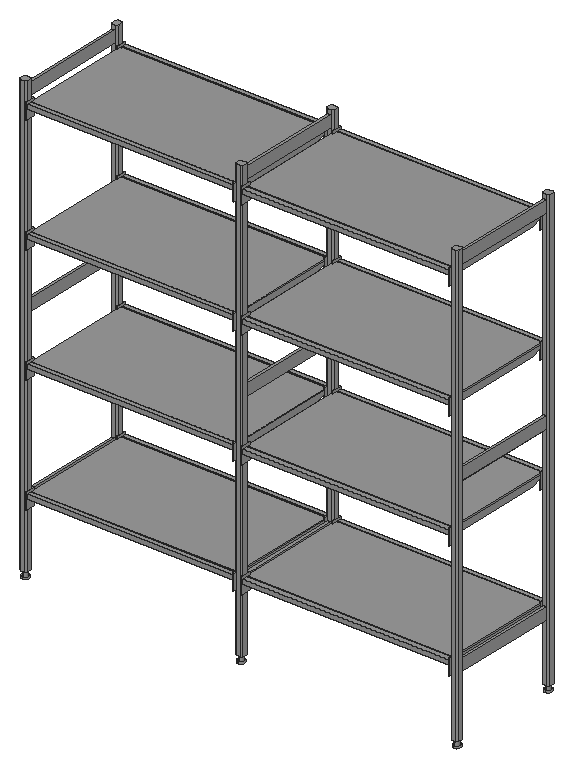
Revit family "QF_ZANUSSI_137040_BLS1696", category Attrezzature speciali, Revit 2020
Family settings
  Quota connettore circolare = Usa diametro
  Tipo di parte = Normale
  Basato su piano di lavoro = No
  Sempre verticale = Sì
  Taglio con vuoti quando caricato = No
  Condiviso = No
  Punto di calcolo locali = No
Parameters (values of type "Standard")
  Weight = 34.00 kg
  Watts = 0 W
  Volts = 0 V
  URL Manufacturer = "http://www.zanussiprofessional.com"
  URL = "http://www.zanussiprofessional.com"
  Steam Supply Size = 0 mm
  Steam Supply Minimum Pressure = 0.0 Pa
  Steam Supply Maximum Pressure = 0.0 Pa
  Steam Consumption per Hour = 0
  Refrigeration Suction Line Size = 0.0 mm
  Refrigeration Liquid Line Size = 0.0 mm
  Refrigerant Compressor Remote = yes
  Prospetto di default = 0.0 mm
  Phase = 0
  Modello = "BLS1696"
  Produttore = "Zanussi"
  Length Actual = 1696.0 mm  # constant formula
  Item Number = "137040"
  Hot Water Size = 0 mm
  Height Actual = 1700.0 mm  # constant formula
  HP = "0 HP"
  Gas Size = 0 mm
  Gas KW = 0
  Gas Input Pressure = 0 W
  Direct Waste Size = 0 mm
  Descrizione = "ALUM.LINEAR SHELV.-POLY.TIERS-475X1696MM"
  Depth Actual = 475.0 mm  # constant formula
  Cycle = 0 Hz
  Condensate Return Size = 0 mm
  Compressed Air Volume = 0.0 L/s
  Compressed Air Size = 0 mm
  Compressed Air Pressure = 0.0 Pa
  Cold Water Size = 0 mm
  Accessory = yes
Reference planes
  plane 1: z = 0
  plane 2 "CenterLeft": x = -31
  plane 3 "LEFT": x = -417
  plane 4 "BACK": y = 23
  plane 5 "FRONT": y = -452
  plane 6 "TOP": z = 1700
  plane 7: x = -385
  plane 8: x = 413
  plane 9 "Center (Front/Back)": y = -214.5
  plane 10: y = -8.5
  plane 11: y = -420.5
  plane 12 "FEET": z = 25
  plane 13: z = 275
  plane 14: z = 725
  plane 15: z = 1175
  plane 16: z = 1625
  plane 17 "CXLeft": x = -403
  plane 18 "Center (Left/Right)": x = 431
  plane 19: y = 5.5
  plane 20 "CYBack": y = 5.5
  plane 21 "CYFront": y = -434.5
  plane 22 "RIGHT": x = 1279
  plane 23: x = 1247
  plane 24 "CXRight": x = 1265
  plane 25: x = 449
Forms (mm)
  Extrusion 1, solid, material "QF_Aluminum"
    sketch origin (-417, 0, -4.006) x (0, 1, 0) y (0, 0, 1)
      loop
        line (-12, 1637.003) -> (4, 1637.003) -> (4, 1655) -> (2.007, 1655) -> (2.007, 1648.501) -> (-431, 1648.501) -> (-431, 1655) -> (-433, 1655) -> (-433, 1637.003) -> (-417, 1637.003) -> (-383, 1625) -> (-46, 1625) -> (-12, 1637.003)
      loop
        line (-12, 1187.003) -> (4, 1187.003) -> (4, 1205) -> (2.007, 1205) -> (2.007, 1198.501) -> (-431, 1198.501) -> (-431, 1205) -> (-433, 1205) -> (-433, 1187.003) -> (-417, 1187.003) -> (-383, 1175) -> (-46, 1175) -> (-12, 1187.003)
      loop
        line (-12, 737.003) -> (4, 737.003) -> (4, 755) -> (2.007, 755) -> (2.007, 748.501) -> (-431, 748.501) -> (-431, 755) -> (-433, 755) -> (-433, 737.003) -> (-417, 737.003) -> (-383, 725) -> (-46, 725) -> (-12, 737.003)
      loop
        line (-12, 287.003) -> (4, 287.003) -> (4, 305) -> (2.007, 305) -> (2.007, 298.501) -> (-431, 298.501) -> (-431, 305) -> (-433, 305) -> (-433, 287.003) -> (-417, 287.003) -> (-383, 275) -> (-46, 275) -> (-12, 287.003)
    from 37 to 32
  Extrusion 2, solid, material "QF_Aluminum"
    sketch origin (-417, 0, 0) x (0, 1, 0) y (0, 0, 1)
      loop
        line (23, 246.005) -> (23, 307.993) -> (-12.993, 307.993) -> (-12.993, 246.005) -> (23, 246.005)
      loop
        line (-452, 246.005) -> (-416.007, 246.005) -> (-416.007, 307.993) -> (-452, 307.993) -> (-452, 246.005)
      loop
        line (23, 696.005) -> (23, 757.993) -> (-12.993, 757.993) -> (-12.993, 696.005) -> (23, 696.005)
      loop
        line (-452, 696.005) -> (-416.007, 696.005) -> (-416.007, 757.993) -> (-452, 757.993) -> (-452, 696.005)
      loop
        line (23, 1146.005) -> (23, 1207.993) -> (-12.993, 1207.993) -> (-12.993, 1146.005) -> (23, 1146.005)
      loop
        line (-452, 1146.005) -> (-416.007, 1146.005) -> (-416.007, 1207.993) -> (-452, 1207.993) -> (-452, 1146.005)
      loop
        line (23, 1596.005) -> (23, 1657.993) -> (-12.993, 1657.993) -> (-12.993, 1596.005) -> (23, 1596.005)
      loop
        line (-452, 1596.005) -> (-416.007, 1596.005) -> (-416.007, 1657.993) -> (-452, 1657.993) -> (-452, 1596.005)
    from 28 to 32
  Extrusion 3, solid, material "QF_Aluminum"
    sketch origin (-417, 0, 0) x (0, 1, 0) y (0, 0, 1)
      loop
        line (4, 1650.994) -> (4, 1632.998) -> (23, 1632.998) -> (23, 1650.994) -> (4, 1650.994)
      loop
        line (-433, 1650.994) -> (-452, 1650.994) -> (-452, 1632.998) -> (-433, 1632.998) -> (-433, 1650.994)
      loop
        line (4, 1200.994) -> (4, 1182.998) -> (23, 1182.998) -> (23, 1200.994) -> (4, 1200.994)
      loop
        line (-433, 1200.994) -> (-452, 1200.994) -> (-452, 1182.998) -> (-433, 1182.998) -> (-433, 1200.994)
      loop
        line (4, 750.994) -> (4, 732.998) -> (23, 732.998) -> (23, 750.994) -> (4, 750.994)
      loop
        line (-433, 750.994) -> (-452, 750.994) -> (-452, 732.998) -> (-433, 732.998) -> (-433, 750.994)
      loop
        line (4, 300.994) -> (4, 282.998) -> (23, 282.998) -> (23, 300.994) -> (4, 300.994)
      loop
        line (-433, 300.994) -> (-452, 300.994) -> (-452, 282.998) -> (-433, 282.998) -> (-433, 300.994)
    from 32 to 830
  Extrusion 4, solid, material "QF_Polyethylene"
    sketch origin (-417, 0, 0) x (0, 1, 0) y (0, 0, 1)
      loop
        line (2.007, 1650.994) -> (-431, 1650.994) -> (-431, 1644.496) -> (2.007, 1644.496) -> (2.007, 1650.994)
      loop
        line (2.007, 1200.994) -> (-431, 1200.994) -> (-431, 1194.496) -> (2.007, 1194.496) -> (2.007, 1200.994)
      loop
        line (2.007, 750.994) -> (-431, 750.994) -> (-431, 744.496) -> (2.007, 744.496) -> (2.007, 750.994)
      loop
        line (2.007, 300.994) -> (-431, 300.994) -> (-431, 294.496) -> (2.007, 294.496) -> (2.007, 300.994)
    from 32 to 830
  Extrusion 5, solid, material "QF_Aluminum"
    sketch origin (1279, 0, 0) x (0, 1, 0) y (0, 0, 1)
      loop
        line (4, 1650.994) -> (4, 1632.998) -> (23, 1632.998) -> (23, 1650.994) -> (4, 1650.994)
      loop
        line (-433, 1650.994) -> (-452, 1650.994) -> (-452, 1632.998) -> (-433, 1632.998) -> (-433, 1650.994)
      loop
        line (4, 1200.994) -> (4, 1182.998) -> (23, 1182.998) -> (23, 1200.994) -> (4, 1200.994)
      loop
        line (-433, 1200.994) -> (-452, 1200.994) -> (-452, 1182.998) -> (-433, 1182.998) -> (-433, 1200.994)
      loop
        line (4, 750.994) -> (4, 732.998) -> (23, 732.998) -> (23, 750.994) -> (4, 750.994)
      loop
        line (-433, 750.994) -> (-452, 750.994) -> (-452, 732.998) -> (-433, 732.998) -> (-433, 750.994)
      loop
        line (4, 300.994) -> (4, 282.998) -> (23, 282.998) -> (23, 300.994) -> (4, 300.994)
      loop
        line (-433, 300.994) -> (-452, 300.994) -> (-452, 282.998) -> (-433, 282.998) -> (-433, 300.994)
    from -32 to -830
  Extrusion 6, solid, material "QF_Polyethylene"
    sketch origin (1279, 0, 0) x (0, 1, 0) y (0, 0, 1)
      loop
        line (2.007, 1650.994) -> (-431, 1650.994) -> (-431, 1644.496) -> (2.007, 1644.496) -> (2.007, 1650.994)
      loop
        line (2.007, 1200.994) -> (-431, 1200.994) -> (-431, 1194.496) -> (2.007, 1194.496) -> (2.007, 1200.994)
      loop
        line (2.007, 750.994) -> (-431, 750.994) -> (-431, 744.496) -> (2.007, 744.496) -> (2.007, 750.994)
      loop
        line (2.007, 300.994) -> (-431, 300.994) -> (-431, 294.496) -> (2.007, 294.496) -> (2.007, 300.994)
    from -32 to -830
Lines and regions (mm)
  symbolic lines
    curve 1: line (413, 4, 1700) -> (-385, 4, 1700)
    curve 2: line (-408, -8.5, 1700) -> (-408, -420.5, 1700)
    curve 3: line (-398, -420.5, 1700) -> (-398, -8.5, 1700)
    curve 4: line (-389, 23, 1700) -> (417, 23, 1700)
    curve 5: line (-385, -452, 1700) -> (413, -452, 1700)
    curve 6: line (445, 23, 1700) -> (1251, 23, 1700)
    curve 7: line (445, -452, 1700) -> (1251, -452, 1700)
    curve 8: line (-385, -433, 1700) -> (413, -433, 1700)
    curve 9: line (449, -433, 1700) -> (1247, -433, 1700)
    curve 10: line (449, 4, 1700) -> (1247, 4, 1700)
    curve 11: line (1247, -12.993, 1700) -> (1247, -416.007, 1700)
    curve 12: line (413, -12.993, 1700) -> (413, -416.007, 1700)
    curve 13: line (449, -416.007, 1700) -> (449, -12.993, 1700)
    curve 14: line (-385, -12.993, 1700) -> (-385, -416.007, 1700)
Dimensions and locks
  plane 3 "LEFT" to plane 2 "CenterLeft" = 386.0 mm
  locked: plane 6 "TOP" to level at 1700
  locked: plane 4 "BACK" to plane 5 "FRONT" at 475
  locked: plane 7 to plane 8 at 798
  locked: plane 10 to plane 11 at 412
  equal spacing: plane 10, plane 9 "Center (Front/Back)", plane 11
  equal spacing: plane 4 "BACK", plane 9 "Center (Front/Back)", plane 5 "FRONT"
  plane 12 "FEET" to level = 25.0 mm
  plane 6 "TOP" to plane 12 "FEET" = 1675.0 mm
  plane 13 to plane 12 "FEET" = 250.0 mm
  plane 14 to plane 13 = 450.0 mm
  plane 15 to plane 14 = 450.0 mm
  plane 16 to plane 15 = 450.0 mm
  locked: plane 4 "BACK" to plane 20 "CYBack" at 17.5
  locked: plane 21 "CYFront" to plane 5 "FRONT" at 17.5
  locked: plane 4 "BACK" to Extrusion 1 at 19
  locked: Extrusion 1 to plane 5 "FRONT" at 19
  Extrusion 1 sketch curve to plane 21 "CYFront" = 3.5 mm
  plane 3 "LEFT" to plane 22 "RIGHT" = 1696.0 mm
  locked: plane 25 to plane 23 at 798
  locked: plane 8 to plane 18 "Center (Left/Right)" at 18
  locked: plane 18 "Center (Left/Right)" to plane 25 at 18
  locked: plane 3 "LEFT" to plane 7 at 32
  locked: plane 24 "CXRight" to plane 22 "RIGHT" at 14
  aligned and locked: level to plane 1
  aligned and locked: plane 7 to Extrusion 1
  aligned and locked: Extrusion 2 to plane 7
  aligned and locked: plane 7 to Extrusion 4
  aligned and locked: Extrusion 4 to plane 8
  aligned and locked: plane 7 to Extrusion 3
  aligned and locked: Extrusion 3 to plane 8
  aligned and locked: Extrusion 3 sketch curve to Extrusion 1
  aligned and locked: Extrusion 1 to Extrusion 3 sketch curve
  aligned and locked: Extrusion 3 sketch curve to Extrusion 3 sketch curve  (x2)
  aligned and locked: Extrusion 1 sketch curve to Extrusion 1 sketch curve  (x3)
  aligned and locked: Extrusion 4 sketch curve to Extrusion 1  (x4)
  aligned and locked: Extrusion 5 sketch curve to Extrusion 5 sketch curve  (x2)
  aligned and locked: Extrusion 5 to plane 25
  aligned and locked: Extrusion 6 to plane 25
  aligned and locked: nested 3 to plane 18 "Center (Left/Right)"
  aligned and locked: nested 1 to plane 17 "CXLeft"
  aligned and locked: Extrusion 3 to plane 7  (x3)
  aligned and locked: plane 8 to Extrusion 3  (x4)
  aligned and locked: plane 25 to Extrusion 5  (x4)
  aligned and locked: plane 25 to Extrusion 6  (x4)
  aligned and locked: plane 8 to Extrusion 4  (x4)
  aligned and locked: nested 2 to plane 24 "CXRight"
  aligned and locked: Extrusion 5 to plane 23
  aligned and locked: Extrusion 6 to plane 23
  aligned and locked: plane 23 to Extrusion 5  (x3)
  aligned and locked: plane 23 to Extrusion 6  (x3)
Automatic sketch dimensions
  plane 21 "CYFront" to Extrusion 1 sketch curve = 1.5 mm  (x4)
  plane 11 to Extrusion 1 sketch curve = 3.5 mm  (x4)
  Extrusion 1 sketch curve to plane 13 = 4.006 mm
  Extrusion 1 sketch curve to Extrusion 1 sketch curve = 34.0 mm  (x4)
  Extrusion 1 sketch curve to plane 14 = 4.006 mm
  Extrusion 1 sketch curve to plane 15 = 4.006 mm
  Extrusion 1 sketch curve to plane 16 = 4.006 mm
  Extrusion 1 sketch curve to plane 10 = 37.5 mm  (x4)
  Extrusion 1 sketch curve to plane 10 = 3.5 mm  (x4)
  plane 19 to Extrusion 1 sketch curve = 3.493 mm  (x4)
  plane 19 to Extrusion 1 sketch curve = 1.5 mm  (x4)
  plane 13 to Extrusion 1 sketch curve = 7.998 mm  (x2)
  Extrusion 1 sketch curve to Extrusion 1 sketch curve = 11.498 mm  (x4)
  Extrusion 1 sketch curve to Extrusion 1 sketch curve = 6.499 mm  (x8)
  plane 14 to Extrusion 1 sketch curve = 7.998 mm  (x2)
  plane 15 to Extrusion 1 sketch curve = 7.998 mm  (x2)
  plane 16 to Extrusion 1 sketch curve = 7.998 mm  (x2)
  Extrusion 2 sketch curve to plane 5 "FRONT" = 0.0 mm  (x4)
  Extrusion 2 sketch curve to plane 4 "BACK" = 0.0 mm  (x4)
  plane 11 to Extrusion 2 sketch curve = 4.493 mm  (x4)
  Extrusion 2 sketch curve to plane 10 = 4.493 mm  (x4)
  Extrusion 2 sketch curve to plane 13 = 28.995 mm  (x2)
  plane 13 to Extrusion 2 sketch curve = 32.993 mm  (x2)
  Extrusion 2 sketch curve to plane 14 = 28.995 mm  (x2)
  plane 14 to Extrusion 2 sketch curve = 32.993 mm  (x2)
  Extrusion 2 sketch curve to plane 15 = 28.995 mm  (x2)
  plane 15 to Extrusion 2 sketch curve = 32.993 mm  (x2)
  Extrusion 2 sketch curve to plane 16 = 28.995 mm  (x2)
  plane 16 to Extrusion 2 sketch curve = 32.993 mm  (x2)
  Extrusion 3 sketch curve to plane 5 "FRONT" = 0.0 mm  (x4)
  Extrusion 3 sketch curve to plane 4 "BACK" = 0.0 mm  (x4)
  plane 19 to Extrusion 3 sketch curve = 1.5 mm  (x4)
  plane 13 to Extrusion 3 sketch curve = 7.998 mm  (x2)
  Extrusion 3 sketch curve to Extrusion 3 sketch curve = 17.997 mm  (x8)
  plane 14 to Extrusion 3 sketch curve = 7.998 mm  (x2)
  plane 15 to Extrusion 3 sketch curve = 7.998 mm  (x2)
  plane 16 to Extrusion 3 sketch curve = 7.998 mm  (x2)
  plane 19 to Extrusion 4 sketch curve = 3.493 mm  (x4)
  plane 13 to Extrusion 4 sketch curve = 19.496 mm
  Extrusion 4 sketch curve to Extrusion 4 sketch curve = 6.499 mm  (x4)
  plane 14 to Extrusion 4 sketch curve = 19.496 mm
  plane 15 to Extrusion 4 sketch curve = 19.496 mm
  plane 16 to Extrusion 4 sketch curve = 19.496 mm
  Extrusion 5 sketch curve to plane 5 "FRONT" = 0.0 mm  (x4)
  Extrusion 5 sketch curve to plane 4 "BACK" = 0.0 mm  (x4)
  plane 21 "CYFront" to Extrusion 5 sketch curve = 1.5 mm  (x2)
  plane 19 to Extrusion 5 sketch curve = 1.5 mm  (x4)
  plane 13 to Extrusion 5 sketch curve = 7.998 mm  (x2)
  Extrusion 5 sketch curve to Extrusion 5 sketch curve = 17.997 mm  (x8)
  plane 14 to Extrusion 5 sketch curve = 7.998 mm  (x2)
  plane 15 to Extrusion 5 sketch curve = 7.998 mm  (x2)
  plane 16 to Extrusion 5 sketch curve = 7.998 mm  (x2)
  plane 21 "CYFront" to Extrusion 6 sketch curve = 3.5 mm  (x4)
  plane 19 to Extrusion 6 sketch curve = 3.493 mm  (x4)
  plane 13 to Extrusion 6 sketch curve = 19.496 mm
  Extrusion 6 sketch curve to Extrusion 6 sketch curve = 6.499 mm  (x4)
  plane 14 to Extrusion 6 sketch curve = 19.496 mm
  plane 15 to Extrusion 6 sketch curve = 19.496 mm
  plane 16 to Extrusion 6 sketch curve = 19.496 mm
  curve 7 to plane 5 "FRONT" = 0.0 mm
  curve 5 to plane 5 "FRONT" = 0.0 mm
  curve 8 to plane 8 = 0.0 mm
  curve 9 to plane 25 = 0.0 mm
  curve 9 to plane 23 = 0.0 mm
  curve 8 to plane 7 = 0.0 mm
  curve 2 to plane 11 = 0.0 mm
  curve 3 to plane 11 = 0.0 mm
  curve 14 to plane 7 = 0.0 mm
  curve 13 to plane 25 = 0.0 mm
  curve 12 to plane 8 = 0.0 mm
  curve 11 to plane 23 = 0.0 mm
  curve 3 to plane 10 = 0.0 mm
  curve 2 to plane 10 = 0.0 mm
  curve 1 to plane 8 = 0.0 mm
  curve 1 to plane 7 = 0.0 mm
  curve 10 to plane 23 = 0.0 mm
  curve 10 to plane 25 = 0.0 mm
  curve 4 to plane 4 "BACK" = 0.0 mm
  curve 6 to plane 4 "BACK" = 0.0 mm
  curve 5 to plane 8 = 0.0 mm
  curve 5 to plane 7 = 0.0 mm
  plane 21 "CYFront" to curve 8 = 1.5 mm
  plane 21 "CYFront" to curve 9 = 1.5 mm
  plane 11 to curve 14 = 4.493 mm
  plane 11 to curve 13 = 4.493 mm
  plane 11 to curve 12 = 4.493 mm
  plane 11 to curve 11 = 4.493 mm
  curve 14 to plane 10 = 4.493 mm
  curve 13 to plane 10 = 4.493 mm
  curve 12 to plane 10 = 4.493 mm
  curve 11 to plane 10 = 4.493 mm
  plane 19 to curve 1 = 1.5 mm
  plane 19 to curve 10 = 1.5 mm
  curve 6 to plane 23 = 4.0 mm
  curve 7 to plane 23 = 4.0 mm
  curve 6 to plane 25 = 4.0 mm
  curve 7 to plane 25 = 4.0 mm
  curve 4 to plane 8 = 4.0 mm
  plane 7 to curve 4 = 4.0 mm
  plane 17 "CXLeft" to curve 3 = 5.0 mm
  curve 2 to plane 17 "CXLeft" = 5.0 mm
Nested families
  nested 1: "WT_Anta475" at (0, 0, 0), type "WT_Anta475"
  nested 2: "WT_Anta475" at (862, 0, 0) x (-1, 0, 0) z (0, 0, 1), type "WT_Anta475"
  nested 3: "WT_Anta475Center" at (834, 0, 0), type "WT_Anta475Center"
Definition of nested family "WT_Anta475"
  Parameters
    WidthLeft = A + 64.0 mm  # 772.0 mm
    Width = 1606.0 mm
    Right = WidthLeft / 2  # 386.0 mm
    Default Elevation = 0.0 mm
    Left = -WidthLeft / 2  # -386.0 mm
    Height = 1725.0 mm
    FEET = 25.0 mm
    E = 0.0 mm
    Dint = Depth - 63.0 mm  # 412.0 mm
    Dext = Depth - 8.0 mm  # 467.0 mm
    Depth = 475.0 mm
    DX = (WidthLeft - A) / 2  # 32.0 mm
    B = 798.0 mm
    A = 708.0 mm
  Reference planes
    plane 1: z = 0
    plane 2 "LEFT": x = -417
    plane 3 "BACK": y = 23
    plane 4 "FRONT": y = -452
    plane 5 "TOP": z = 1725
    plane 6 "Center (Front/Back)": y = -214.5
    plane 7: y = -8.5
    plane 8: y = -420.5
    plane 9 "FEET": z = 25
    plane 10: z = 275
    plane 11: z = 725
    plane 12: z = 1175
    plane 13: z = 1625
    plane 14 "CXLeft": x = -403
    plane 15: y = 5.5
    plane 16 "CYBack": y = 5.5
    plane 17 "CYFront": y = -434.5
    plane 18: x = -385.031
    plane 19: x = -380.031
  Forms (mm)
    Extrusion 1, solid
      sketch origin (0, 0, 0) x (1, 0, 0) y (0, 1, 0)
        loop
          line (-417, 13.246) -> (-417, -2.246) -> (-410.746, -8.5) -> (-395.254, -8.5) -> (-389, -2.246) -> (-389, 13.246) -> (-395.254, 19.5) -> (-410.746, 19.5) -> (-417, 13.246)
      from 1725 to 25
    Extrusion 2, solid
      sketch origin (-417, 0, 0) x (0, 1, 0) y (0, 0, 1)
        loop
          line (23, 246.005) -> (23, 307.993) -> (-12.993, 307.993) -> (-12.993, 246.005) -> (23, 246.005)
        loop
          line (-452, 246.005) -> (-416.007, 246.005) -> (-416.007, 307.993) -> (-452, 307.993) -> (-452, 246.005)
        loop
          line (23, 696.005) -> (23, 757.993) -> (-12.993, 757.993) -> (-12.993, 696.005) -> (23, 696.005)
        loop
          line (-452, 696.005) -> (-416.007, 696.005) -> (-416.007, 757.993) -> (-452, 757.993) -> (-452, 696.005)
        loop
          line (23, 1146.005) -> (23, 1207.993) -> (-12.993, 1207.993) -> (-12.993, 1146.005) -> (23, 1146.005)
        loop
          line (-452, 1146.005) -> (-416.007, 1146.005) -> (-416.007, 1207.993) -> (-452, 1207.993) -> (-452, 1146.005)
        loop
          line (23, 1596.005) -> (23, 1657.993) -> (-12.993, 1657.993) -> (-12.993, 1596.005) -> (23, 1596.005)
        loop
          line (-452, 1596.005) -> (-416.007, 1596.005) -> (-416.007, 1657.993) -> (-452, 1657.993) -> (-452, 1596.005)
      from 28 to 32
    Revolve 3, solid
      sketch origin (-403, 0, 0) x (0, 1, 0) y (0, 0, 1)
        loop
          line (5.5, 25) -> (5.5, 0) -> (19, 0) -> (19, 5) -> (14, 5) -> (14, 25) -> (5.5, 25)
        axis (5.5, 25) -> (5.5, 0)
      angle from 0 to 360
    Extrusion 4, solid
      sketch origin (-403, 0, 0) x (0, 1, 0) y (0, 0, 1)
        loop
          line (-8.5, 912.382) -> (-8.5, 957.374) -> (-420.5, 957.374) -> (-420.5, 912.382) -> (-8.5, 912.382)
        loop
          line (-8.5, 1662.244) -> (-8.5, 1707.236) -> (-420.5, 1707.236) -> (-420.5, 1662.244) -> (-8.5, 1662.244)
      from -5 to 5
    Revolve 5, solid
      sketch origin (-403, -627, 0) x (0, -1, 0) y (0, 0, 1)
        loop
          line (-192.5, 25) -> (-192.5, 0) -> (-179, 0) -> (-179, 5) -> (-184, 5) -> (-184, 25) -> (-192.5, 25)
        axis (-192.5, 25) -> (-192.5, 0)
      angle from 0 to 360
    Extrusion 6, solid
      sketch origin (0, -627, 0) x (1, 0, 0) y (0, 1, 0)
        loop
          line (-417, 184.754) -> (-410.746, 178.5) -> (-395.254, 178.5) -> (-389, 184.754) -> (-389, 200.246) -> (-395.254, 206.5) -> (-410.746, 206.5) -> (-417, 200.246) -> (-417, 184.754)
      from 1725 to 25
    Extrusion 7, solid
      sketch origin (-417.031, -0.022, 0) x (0, 1, 0) y (0, 0, -1)
        loop
          line (-12, -1632.998) -> (-46, -1620.994) -> (-383, -1620.994) -> (-417, -1632.998) -> (-433, -1632.998) -> (-433, -1650.994) -> (-431, -1650.994) -> (-431, -1644.496) -> (2.007, -1644.496) -> (2.007, -1650.994) -> (4, -1650.994) -> (4, -1632.998) -> (-12, -1632.998)
        loop
          line (-12, -1182.998) -> (-46, -1170.994) -> (-383, -1170.994) -> (-417, -1182.998) -> (-433, -1182.998) -> (-433, -1200.994) -> (-431, -1200.994) -> (-431, -1194.496) -> (2.007, -1194.496) -> (2.007, -1200.994) -> (4, -1200.994) -> (4, -1182.998) -> (-12, -1182.998)
        loop
          line (-12, -732.998) -> (-46, -720.994) -> (-383, -720.994) -> (-417, -732.998) -> (-433, -732.998) -> (-433, -750.994) -> (-431, -750.994) -> (-431, -744.496) -> (2.007, -744.496) -> (2.007, -750.994) -> (4, -750.994) -> (4, -732.998) -> (-12, -732.998)
        loop
          line (-12, -282.998) -> (-46, -270.994) -> (-383, -270.994) -> (-417, -282.998) -> (-433, -282.998) -> (-433, -300.994) -> (-431, -300.994) -> (-431, -294.496) -> (2.007, -294.496) -> (2.007, -300.994) -> (4, -300.994) -> (4, -282.998) -> (-12, -282.998)
      from -32 to -37
    Extrusion 8, solid
      sketch origin (-403, 0, -659.878) x (0, 1, 0) y (0, 0, 1)
        loop
          line (-8.5, 912.382) -> (-8.5, 957.374) -> (-420.5, 957.374) -> (-420.5, 912.382) -> (-8.5, 912.382)
        loop
          line (-8.5, 1572.382) -> (-8.5, 1617.374) -> (-420.5, 1617.374) -> (-420.5, 1572.382) -> (-8.5, 1572.382)
        loop
          line (-8.5, 2322.382) -> (-8.5, 2367.374) -> (-420.5, 2367.374) -> (-420.5, 2322.382) -> (-8.5, 2322.382)
      from -5 to 5
  Lines and regions (mm)
    symbolic lines
      curve 1: line (-408, -8.5, 1725) -> (-408, -420.5, 1725)
      curve 2: line (-398, -420.5, 1725) -> (-398, -8.5, 1725)
      curve 3: line (-395.254, -8.5, 1725) -> (-410.746, -8.5, 1725)
      curve 4: line (-417, -2.246, 1725) -> (-410.746, -8.5, 1725)
      curve 5: line (-417, 13.246, 1725) -> (-417, -2.246, 1725)
      curve 6: line (-410.746, 19.5, 1725) -> (-417, 13.246, 1725)
      curve 7: line (-395.254, 19.5, 1725) -> (-410.746, 19.5, 1725)
      curve 8: line (-389, 13.246, 1725) -> (-395.254, 19.5, 1725)
      curve 9: line (-395.254, -8.5, 1725) -> (-389, -2.246, 1725)
      curve 10: line (-395.254, -420.5, 1725) -> (-410.746, -420.5, 1725)
      curve 11: line (-417, -426.754, 1725) -> (-410.746, -420.5, 1725)
      curve 12: line (-410.746, -448.5, 1725) -> (-417, -442.246, 1725)
      curve 13: line (-395.254, -448.5, 1725) -> (-410.746, -448.5, 1725)
      curve 14: line (-389, -442.246, 1725) -> (-395.254, -448.5, 1725)
      curve 15: line (-395.254, -420.5, 1725) -> (-389, -426.754, 1725)
      curve 16: line (-389, -452, 1725) -> (-389, -416.007, 1725)
      curve 17: line (-389, -416.007, 1725) -> (-385, -416.007, 1725)
      curve 18: line (-389, 23, 1725) -> (-389, -12.993, 1725)
      curve 19: line (-389, -12.993, 1725) -> (-385, -12.993, 1725)
      curve 20: line (-417, -426.754, 1725) -> (-417, -442.246, 1725)
      curve 21: line (-385, -452, 1725) -> (-385, -416.007, 1725)
      curve 22: line (-385, -452, 1725) -> (-389, -452, 1725)
      curve 23: line (-385, 23, 1725) -> (-389, 23, 1725)
      curve 24: line (-385, -12.993, 1725) -> (-385, 23, 1725)
      curve 25: line (-385.031, -13.016, 1725) -> (-385.031, -416.029, 1725)
  Dimensions and locks
    "Height": plane 5 "TOP" to level
    "Depth": plane 3 "BACK" to plane 4 "FRONT"
    "Dint": plane 7 to plane 8
    equal spacing: plane 7, plane 6 "Center (Front/Back)", plane 8
    equal spacing: plane 3 "BACK", plane 6 "Center (Front/Back)", plane 4 "FRONT"
    plane 9 "FEET" to level = 25.0 mm
    plane 5 "TOP" to plane 9 "FEET" = 1700.0 mm
    plane 10 to plane 9 "FEET" = 250.0 mm
    plane 11 to plane 10 = 450.0 mm
    plane 12 to plane 11 = 450.0 mm
    plane 13 to plane 12 = 450.0 mm
    locked: plane 2 "LEFT" to plane 14 "CXLeft" at 14
    locked: plane 3 "BACK" to plane 16 "CYBack" at 17.5
    locked: plane 17 "CYFront" to plane 4 "FRONT" at 17.5
    locked: Revolve 3 sketch curve to Revolve 3 sketch curve at 8.5
    locked: Revolve 3 sketch curve to plane 16 "CYBack" at 13.5
    locked: Revolve 5 sketch curve to Revolve 5 sketch curve at 8.5
    aligned and locked: level to plane 1
    aligned and locked: curve 20 to Extrusion 6
    aligned and locked: plane 5 "TOP" to Extrusion 1
    aligned and locked: plane 5 "TOP" to Extrusion 6
    aligned and locked: Extrusion 7 sketch curve to Extrusion 7 sketch curve  (x3)
  Automatic sketch dimensions
    curve 16 to plane 4 "FRONT" = 0.0 mm
    curve 11 to plane 8 = 0.0 mm
    curve 9 to plane 7 = 0.0 mm
    curve 5 to plane 2 "LEFT" = 0.0 mm
    curve 23 to plane 3 "BACK" = 0.0 mm
    plane 4 "FRONT" to curve 13 = 3.5 mm
    curve 20 to plane 17 "CYFront" = 7.746 mm
    curve 20 to plane 8 = 6.254 mm
    plane 8 to curve 16 = 4.493 mm
    curve 24 to plane 18 = 0.031 mm
    curve 24 to plane 7 = 4.493 mm
    plane 7 to curve 5 = 6.254 mm
    curve 5 to plane 15 = 7.746 mm
    curve 6 to plane 3 "BACK" = 3.5 mm
    curve 21 to plane 18 = 0.031 mm
    plane 18 to curve 23 = 3.969 mm
    plane 18 to curve 16 = 3.969 mm
    curve 18 to curve 8 = 6.254 mm
    curve 18 to curve 3 = 6.254 mm
    curve 16 to curve 13 = 6.254 mm
    curve 16 to curve 15 = 6.254 mm
    plane 2 "LEFT" to curve 10 = 6.254 mm
    plane 2 "LEFT" to curve 7 = 6.254 mm
    plane 2 "LEFT" to curve 12 = 6.254 mm
    plane 2 "LEFT" to curve 3 = 6.254 mm
    curve 14 to plane 17 "CYFront" = 7.746 mm
    curve 15 to plane 8 = 6.254 mm
    plane 7 to curve 9 = 6.254 mm
    curve 8 to plane 15 = 7.746 mm
    curve 3 to curve 2 = 2.746 mm
    curve 1 to curve 10 = 2.746 mm
    Extrusion 1 sketch curve to plane 2 "LEFT" = 0.0 mm
    Extrusion 1 sketch curve to plane 7 = 0.0 mm
    plane 2 "LEFT" to Extrusion 1 sketch curve = 6.254 mm  (x2)
    plane 14 "CXLeft" to Extrusion 1 sketch curve = 7.746 mm  (x2)
    Extrusion 1 sketch curve to plane 3 "BACK" = 3.5 mm
    plane 18 to Extrusion 1 sketch curve = 3.969 mm
    plane 7 to Extrusion 1 sketch curve = 6.254 mm  (x2)
    Extrusion 1 sketch curve to plane 15 = 7.746 mm  (x2)
    Extrusion 2 sketch curve to plane 4 "FRONT" = 0.0 mm  (x4)
    Extrusion 2 sketch curve to plane 3 "BACK" = 0.0 mm  (x4)
    plane 8 to Extrusion 2 sketch curve = 4.493 mm  (x4)
    Extrusion 2 sketch curve to plane 7 = 4.493 mm  (x4)
    Extrusion 2 sketch curve to plane 10 = 28.995 mm  (x2)
    plane 10 to Extrusion 2 sketch curve = 32.993 mm  (x2)
    Extrusion 2 sketch curve to plane 11 = 28.995 mm  (x2)
    plane 11 to Extrusion 2 sketch curve = 32.993 mm  (x2)
    Extrusion 2 sketch curve to plane 12 = 28.995 mm  (x2)
    plane 12 to Extrusion 2 sketch curve = 32.993 mm  (x2)
    Extrusion 2 sketch curve to plane 13 = 28.995 mm  (x2)
    plane 13 to Extrusion 2 sketch curve = 32.993 mm  (x2)
    Revolve 3 sketch curve to plane 9 "FEET" = 0.0 mm  (x2)
    Revolve 3 sketch curve to plane 15 = 0.0 mm  (x2)
    Revolve 3 sketch curve to level = 0.0 mm
    level to Revolve 3 sketch curve = 5.0 mm
    Revolve 3 sketch curve to Revolve 3 sketch curve = 11.655 mm
    Extrusion 4 sketch curve to plane 8 = 0.0 mm  (x2)
    Extrusion 4 sketch curve to plane 7 = 0.0 mm  (x2)
    plane 11 to Extrusion 4 sketch curve = 187.382 mm
    Extrusion 4 sketch curve to Extrusion 4 sketch curve = 44.992 mm
    plane 13 to Extrusion 4 sketch curve = 37.244 mm
    Extrusion 4 sketch curve to plane 5 "TOP" = 17.764 mm
    Revolve 5 sketch curve to plane 9 "FEET" = 0.0 mm  (x2)
    Revolve 5 sketch curve to plane 17 "CYFront" = 0.0 mm  (x2)
    Revolve 5 sketch curve to level = 0.0 mm
    Revolve 5 sketch curve to plane 4 "FRONT" = 4.0 mm
    Revolve 5 sketch curve to Revolve 5 sketch curve = 5.0 mm
    level to Revolve 5 sketch curve = 11.655 mm
    Extrusion 6 sketch curve to plane 2 "LEFT" = 0.0 mm
    Extrusion 6 sketch curve to plane 8 = 0.0 mm
    Extrusion 6 sketch curve to plane 2 "LEFT" = 6.254 mm  (x2)
    Extrusion 6 sketch curve to plane 14 "CXLeft" = 7.746 mm  (x2)
    Extrusion 6 sketch curve to plane 4 "FRONT" = 3.5 mm
    Extrusion 6 sketch curve to plane 18 = 3.969 mm
    plane 8 to Extrusion 6 sketch curve = 6.254 mm  (x2)
    plane 17 "CYFront" to Extrusion 6 sketch curve = 7.746 mm  (x2)
    plane 17 "CYFront" to Extrusion 7 sketch curve = 1.478 mm  (x4)
    Extrusion 7 sketch curve to Extrusion 7 sketch curve = 2.0 mm
    plane 8 to Extrusion 7 sketch curve = 3.478 mm  (x4)
    Extrusion 7 sketch curve to plane 10 = 4.006 mm
    Extrusion 7 sketch curve to Extrusion 7 sketch curve = 34.0 mm  (x4)
    Extrusion 7 sketch curve to plane 11 = 4.006 mm
    Extrusion 7 sketch curve to plane 12 = 4.006 mm
    Extrusion 7 sketch curve to plane 13 = 4.006 mm
    Extrusion 7 sketch curve to plane 7 = 37.522 mm  (x4)
    Extrusion 7 sketch curve to plane 7 = 3.522 mm  (x4)
    plane 15 to Extrusion 7 sketch curve = 3.516 mm  (x4)
    plane 15 to Extrusion 7 sketch curve = 1.522 mm  (x4)
    plane 13 to Extrusion 7 sketch curve = 7.998 mm  (x2)
    Extrusion 7 sketch curve to Extrusion 7 sketch curve = 11.498 mm
    Extrusion 7 sketch curve to Extrusion 7 sketch curve = 6.499 mm  (x5)
    plane 12 to Extrusion 7 sketch curve = 25.994 mm  (x2)
    plane 12 to Extrusion 7 sketch curve = 7.998 mm  (x2)
    plane 11 to Extrusion 7 sketch curve = 25.994 mm  (x2)
    plane 11 to Extrusion 7 sketch curve = 7.998 mm  (x2)
    plane 10 to Extrusion 7 sketch curve = 25.994 mm  (x2)
    plane 10 to Extrusion 7 sketch curve = 7.998 mm  (x2)
    curve 25 to plane 18 = 0.0 mm
    plane 8 to curve 25 = 4.471 mm
    curve 25 to plane 7 = 4.516 mm
    Extrusion 8 sketch curve to plane 8 = 0.0 mm  (x3)
    Extrusion 8 sketch curve to plane 7 = 0.0 mm  (x3)
    Extrusion 8 sketch curve to plane 10 = 22.496 mm
    plane 10 to Extrusion 8 sketch curve = 22.496 mm
    plane 11 to Extrusion 8 sketch curve = 187.504 mm
    Extrusion 8 sketch curve to Extrusion 8 sketch curve = 44.992 mm
    plane 13 to Extrusion 8 sketch curve = 37.504 mm
    Extrusion 8 sketch curve to plane 5 "TOP" = 17.504 mm
Definition of nested family "WT_Anta475Center"
  Parameters
    WidthLeft = A + 64.0 mm  # 772.0 mm
    Width = 1606.0 mm
    Right = WidthLeft / 2  # 386.0 mm
    Default Elevation = 0.0 mm
    Left = -WidthLeft / 2  # -386.0 mm
    Height = 1725.0 mm
    FEET = 25.0 mm
    E = 0.0 mm
    Dint = Depth - 63.0 mm  # 412.0 mm
    Dext = Depth - 8.0 mm  # 467.0 mm
    Depth = 475.0 mm
    DX = (WidthLeft - A) / 2  # 32.0 mm
    B = 798.0 mm
    A = 708.0 mm
  Reference planes
    plane 1: z = 0
    plane 2 "L": x = -417
    plane 3 "BACK": y = 23
    plane 4 "FRONT": y = -452
    plane 5 "TOP": z = 1725
    plane 6 "Center (Front/Back)": y = -214.5
    plane 7: y = -8.5
    plane 8: y = -420.5
    plane 9 "FEET": z = 25
    plane 10: z = 275
    plane 11: z = 725
    plane 12: z = 1175
    plane 13: z = 1625
    plane 14 "CXLeft": x = -403
    plane 15: y = 5.5
    plane 16 "CYBack": y = 5.5
    plane 17 "CYFront": y = -434.5
    plane 18: x = -385.031
    plane 19 "RIGHT": x = -380.031
    plane 20: x = -420.969
    plane 21 "LEFT": x = -425.969
  Forms (mm)
    Extrusion 1, solid
      sketch origin (0, 0, 0) x (1, 0, 0) y (0, 1, 0)
        loop
          line (-417, 13.246) -> (-417, -2.246) -> (-410.746, -8.5) -> (-395.254, -8.5) -> (-389, -2.246) -> (-389, 13.246) -> (-395.254, 19.5) -> (-410.746, 19.5) -> (-417, 13.246)
      from 1725 to 25
    Extrusion 2, solid
      sketch origin (-417, 0, 0) x (0, 1, 0) y (0, 0, 1)
        loop
          line (23, 246.005) -> (23, 307.993) -> (-12.993, 307.993) -> (-12.993, 246.005) -> (23, 246.005)
        loop
          line (-452, 246.005) -> (-416.007, 246.005) -> (-416.007, 307.993) -> (-452, 307.993) -> (-452, 246.005)
        loop
          line (23, 696.005) -> (23, 757.993) -> (-12.993, 757.993) -> (-12.993, 696.005) -> (23, 696.005)
        loop
          line (-452, 696.005) -> (-416.007, 696.005) -> (-416.007, 757.993) -> (-452, 757.993) -> (-452, 696.005)
        loop
          line (23, 1146.005) -> (23, 1207.993) -> (-12.993, 1207.993) -> (-12.993, 1146.005) -> (23, 1146.005)
        loop
          line (-452, 1146.005) -> (-416.007, 1146.005) -> (-416.007, 1207.993) -> (-452, 1207.993) -> (-452, 1146.005)
        loop
          line (23, 1596.005) -> (23, 1657.993) -> (-12.993, 1657.993) -> (-12.993, 1596.005) -> (23, 1596.005)
        loop
          line (-452, 1596.005) -> (-416.007, 1596.005) -> (-416.007, 1657.993) -> (-452, 1657.993) -> (-452, 1596.005)
      from 28 to 32
    Revolve 3, solid
      sketch origin (-403, 0, 0) x (0, 1, 0) y (0, 0, 1)
        loop
          line (5.5, 25) -> (5.5, 0) -> (19, 0) -> (19, 5) -> (14, 5) -> (14, 25) -> (5.5, 25)
        axis (5.5, 25) -> (5.5, 0)
      angle from 0 to 360
    Extrusion 4, solid
      sketch origin (-403, 0, 0) x (0, 1, 0) y (0, 0, 1)
        loop
          line (-8.5, 912.382) -> (-8.5, 957.374) -> (-420.5, 957.374) -> (-420.5, 912.382) -> (-8.5, 912.382)
        loop
          line (-8.5, 1662.244) -> (-8.5, 1707.236) -> (-420.5, 1707.236) -> (-420.5, 1662.244) -> (-8.5, 1662.244)
      from -5 to 5
    Revolve 5, solid
      sketch origin (-403, -627, 0) x (0, -1, 0) y (0, 0, 1)
        loop
          line (-192.5, 25) -> (-192.5, 0) -> (-179, 0) -> (-179, 5) -> (-184, 5) -> (-184, 25) -> (-192.5, 25)
        axis (-192.5, 25) -> (-192.5, 0)
      angle from 0 to 360
    Extrusion 6, solid
      sketch origin (0, -627, 0) x (1, 0, 0) y (0, 1, 0)
        loop
          line (-417, 184.754) -> (-410.746, 178.5) -> (-395.254, 178.5) -> (-389, 184.754) -> (-389, 200.246) -> (-395.254, 206.5) -> (-410.746, 206.5) -> (-417, 200.246) -> (-417, 184.754)
      from 1725 to 25
    Extrusion 7, solid
      sketch origin (-417.031, -0.022, 0) x (0, 1, 0) y (0, 0, -1)
        loop
          line (-12, -1632.998) -> (-46, -1620.994) -> (-383, -1620.994) -> (-417, -1632.998) -> (-433, -1632.998) -> (-433, -1650.994) -> (-431, -1650.994) -> (-431, -1644.496) -> (2.007, -1644.496) -> (2.007, -1650.994) -> (4, -1650.994) -> (4, -1632.998) -> (-12, -1632.998)
        loop
          line (-12, -1182.998) -> (-46, -1170.994) -> (-383, -1170.994) -> (-417, -1182.998) -> (-433, -1182.998) -> (-433, -1200.994) -> (-431, -1200.994) -> (-431, -1194.496) -> (2.007, -1194.496) -> (2.007, -1200.994) -> (4, -1200.994) -> (4, -1182.998) -> (-12, -1182.998)
        loop
          line (-12, -732.998) -> (-46, -720.994) -> (-383, -720.994) -> (-417, -732.998) -> (-433, -732.998) -> (-433, -750.994) -> (-431, -750.994) -> (-431, -744.496) -> (2.007, -744.496) -> (2.007, -750.994) -> (4, -750.994) -> (4, -732.998) -> (-12, -732.998)
        loop
          line (-12, -282.998) -> (-46, -270.994) -> (-383, -270.994) -> (-417, -282.998) -> (-433, -282.998) -> (-433, -300.994) -> (-431, -300.994) -> (-431, -294.496) -> (2.007, -294.496) -> (2.007, -300.994) -> (4, -300.994) -> (4, -282.998) -> (-12, -282.998)
      from -32 to -37
    Extrusion 8, solid
      sketch origin (-403, 0, -659.878) x (0, 1, 0) y (0, 0, 1)
        loop
          line (-8.5, 912.382) -> (-8.5, 957.374) -> (-420.5, 957.374) -> (-420.5, 912.382) -> (-8.5, 912.382)
        loop
          line (-8.5, 1572.382) -> (-8.5, 1617.374) -> (-420.5, 1617.374) -> (-420.5, 1572.382) -> (-8.5, 1572.382)
        loop
          line (-8.5, 2322.382) -> (-8.5, 2367.374) -> (-420.5, 2367.374) -> (-420.5, 2322.382) -> (-8.5, 2322.382)
      from -5 to 5
    Extrusion 9, solid
      sketch origin (-389, 0, 0) x (0, 1, 0) y (0, 0, -1)
        loop
          line (23, -246.005) -> (-12.993, -246.005) -> (-12.993, -307.993) -> (23, -307.993) -> (23, -246.005)
        loop
          line (-452, -246.005) -> (-452, -307.993) -> (-416.007, -307.993) -> (-416.007, -246.005) -> (-452, -246.005)
        loop
          line (23, -696.005) -> (-12.993, -696.005) -> (-12.993, -757.993) -> (23, -757.993) -> (23, -696.005)
        loop
          line (-452, -696.005) -> (-452, -757.993) -> (-416.007, -757.993) -> (-416.007, -696.005) -> (-452, -696.005)
        loop
          line (23, -1146.005) -> (-12.993, -1146.005) -> (-12.993, -1207.993) -> (23, -1207.993) -> (23, -1146.005)
        loop
          line (-452, -1146.005) -> (-452, -1207.993) -> (-416.007, -1207.993) -> (-416.007, -1146.005) -> (-452, -1146.005)
        loop
          line (23, -1596.005) -> (-12.993, -1596.005) -> (-12.993, -1657.993) -> (23, -1657.993) -> (23, -1596.005)
        loop
          line (-452, -1596.005) -> (-452, -1657.993) -> (-416.007, -1657.993) -> (-416.007, -1596.005) -> (-452, -1596.005)
      from 28 to 32
    Extrusion 10, solid
      sketch origin (-388.969, -0.022, 0) x (0, 1, 0) y (0, 0, 1)
        loop
          line (-12, 1632.998) -> (4, 1632.998) -> (4, 1650.994) -> (2.007, 1650.994) -> (2.007, 1644.496) -> (-431, 1644.496) -> (-431, 1650.994) -> (-433, 1650.994) -> (-433, 1632.998) -> (-417, 1632.998) -> (-383, 1620.994) -> (-46, 1620.994) -> (-12, 1632.998)
        loop
          line (-12, 1182.998) -> (4, 1182.998) -> (4, 1200.994) -> (2.007, 1200.994) -> (2.007, 1194.496) -> (-431, 1194.496) -> (-431, 1200.994) -> (-433, 1200.994) -> (-433, 1182.998) -> (-417, 1182.998) -> (-383, 1170.994) -> (-46, 1170.994) -> (-12, 1182.998)
        loop
          line (-12, 732.998) -> (4, 732.998) -> (4, 750.994) -> (2.007, 750.994) -> (2.007, 744.496) -> (-431, 744.496) -> (-431, 750.994) -> (-433, 750.994) -> (-433, 732.998) -> (-417, 732.998) -> (-383, 720.994) -> (-46, 720.994) -> (-12, 732.998)
        loop
          line (-12, 282.998) -> (4, 282.998) -> (4, 300.994) -> (2.007, 300.994) -> (2.007, 294.496) -> (-431, 294.496) -> (-431, 300.994) -> (-433, 300.994) -> (-433, 282.998) -> (-417, 282.998) -> (-383, 270.994) -> (-46, 270.994) -> (-12, 282.998)
      from -32 to -37
  Lines and regions (mm)
    symbolic lines
      curve 1: line (-408, -8.5, 1725) -> (-408, -420.5, 1725)
      curve 2: line (-398, -420.5, 1725) -> (-398, -8.5, 1725)
      curve 3: line (-395.254, -8.5, 1725) -> (-410.746, -8.5, 1725)
      curve 4: line (-417, -2.246, 1725) -> (-410.746, -8.5, 1725)
      curve 5: line (-410.746, 19.5, 1725) -> (-417, 13.246, 1725)
      curve 6: line (-395.254, 19.5, 1725) -> (-410.746, 19.5, 1725)
      curve 7: line (-389, 13.246, 1725) -> (-395.254, 19.5, 1725)
      curve 8: line (-395.254, -8.5, 1725) -> (-389, -2.246, 1725)
      curve 9: line (-395.254, -420.5, 1725) -> (-410.746, -420.5, 1725)
      curve 10: line (-417, -426.754, 1725) -> (-410.746, -420.5, 1725)
      curve 11: line (-410.746, -448.5, 1725) -> (-417, -442.246, 1725)
      curve 12: line (-395.254, -448.5, 1725) -> (-410.746, -448.5, 1725)
      curve 13: line (-389, -442.246, 1725) -> (-395.254, -448.5, 1725)
      curve 14: line (-395.254, -420.5, 1725) -> (-389, -426.754, 1725)
      curve 15: line (-389, -452, 1725) -> (-389, -416.007, 1725)
      curve 16: line (-389, -416.007, 1725) -> (-385, -416.007, 1725)
      curve 17: line (-389, 23, 1725) -> (-389, -12.993, 1725)
      curve 18: line (-389, -12.993, 1725) -> (-385, -12.993, 1725)
      curve 19: line (-385, -452, 1725) -> (-385, -416.007, 1725)
      curve 20: line (-385, -452, 1725) -> (-389, -452, 1725)
      curve 21: line (-385, 23, 1725) -> (-389, 23, 1725)
      curve 22: line (-385, -12.993, 1725) -> (-385, 23, 1725)
      curve 23: line (-385.031, -13.016, 1725) -> (-385.031, -416.029, 1725)
      curve 24: line (-417, -452, 1725) -> (-417, -416.007, 1725)
      curve 25: line (-417, -416.007, 1725) -> (-421, -416.007, 1725)
      curve 26: line (-417, 23, 1725) -> (-417, -12.993, 1725)
      curve 27: line (-417, -12.993, 1725) -> (-421, -12.993, 1725)
      curve 28: line (-421, -452, 1725) -> (-421, -416.007, 1725)
      curve 29: line (-421, -452, 1725) -> (-417, -452, 1725)
      curve 30: line (-421, 23, 1725) -> (-417, 23, 1725)
      curve 31: line (-421, -12.993, 1725) -> (-421, 23, 1725)
      curve 32: line (-420.969, -13.016, 1725) -> (-420.969, -416.029, 1725)
  Dimensions and locks
    "Height": plane 5 "TOP" to level
    "Depth": plane 3 "BACK" to plane 4 "FRONT"
    "Dint": plane 7 to plane 8
    equal spacing: plane 7, plane 6 "Center (Front/Back)", plane 8
    equal spacing: plane 3 "BACK", plane 6 "Center (Front/Back)", plane 4 "FRONT"
    plane 9 "FEET" to level = 25.0 mm
    plane 5 "TOP" to plane 9 "FEET" = 1700.0 mm
    plane 10 to plane 9 "FEET" = 250.0 mm
    plane 11 to plane 10 = 450.0 mm
    plane 12 to plane 11 = 450.0 mm
    plane 13 to plane 12 = 450.0 mm
    locked: plane 3 "BACK" to plane 16 "CYBack" at 17.5
    locked: plane 17 "CYFront" to plane 4 "FRONT" at 17.5
    locked: Revolve 3 sketch curve to Revolve 3 sketch curve at 8.5
    locked: Revolve 3 sketch curve to plane 16 "CYBack" at 13.5
    locked: Revolve 5 sketch curve to Revolve 5 sketch curve at 8.5
    aligned and locked: level to plane 1
    aligned and locked: plane 5 "TOP" to Extrusion 1
    aligned and locked: plane 5 "TOP" to Extrusion 6
    aligned and locked: Extrusion 7 sketch curve to Extrusion 7 sketch curve  (x3)
    aligned and locked: Extrusion 10 sketch curve to Extrusion 10 sketch curve  (x3)
  Automatic sketch dimensions
    curve 15 to plane 4 "FRONT" = 0.0 mm
    curve 28 to plane 4 "FRONT" = 0.0 mm
    curve 9 to plane 8 = 0.0 mm
    curve 25 to plane 2 "L" = 0.0 mm
    curve 8 to plane 7 = 0.0 mm
    curve 17 to plane 3 "BACK" = 0.0 mm
    curve 30 to plane 3 "BACK" = 0.0 mm
    plane 4 "FRONT" to curve 11 = 3.5 mm
    curve 19 to plane 18 = 0.031 mm
    plane 8 to curve 19 = 4.493 mm
    plane 8 to curve 25 = 4.493 mm
    curve 27 to plane 20 = 0.031 mm
    curve 27 to plane 7 = 4.493 mm
    curve 17 to plane 7 = 4.493 mm
    curve 5 to plane 15 = 7.746 mm
    curve 7 to plane 3 "BACK" = 3.5 mm
    curve 18 to plane 18 = 0.031 mm
    plane 18 to curve 21 = 3.969 mm
    plane 18 to curve 20 = 3.969 mm
    curve 15 to curve 9 = 6.254 mm
    curve 17 to curve 7 = 6.254 mm
    curve 17 to curve 3 = 6.254 mm
    curve 15 to curve 12 = 6.254 mm
    plane 2 "L" to curve 12 = 6.254 mm
    plane 2 "L" to curve 4 = 6.254 mm
    plane 2 "L" to curve 10 = 6.254 mm
    plane 2 "L" to curve 5 = 6.254 mm
    curve 28 to plane 20 = 0.031 mm
    curve 13 to plane 17 "CYFront" = 7.746 mm
    curve 14 to plane 8 = 6.254 mm
    plane 7 to curve 8 = 6.254 mm
    curve 7 to plane 15 = 7.746 mm
    curve 9 to curve 2 = 2.746 mm
    curve 1 to curve 9 = 2.746 mm
    Extrusion 1 sketch curve to plane 2 "L" = 0.0 mm
    Extrusion 1 sketch curve to plane 7 = 0.0 mm
    plane 2 "L" to Extrusion 1 sketch curve = 6.254 mm  (x2)
    plane 14 "CXLeft" to Extrusion 1 sketch curve = 7.746 mm  (x2)
    Extrusion 1 sketch curve to plane 3 "BACK" = 3.5 mm
    plane 18 to Extrusion 1 sketch curve = 3.969 mm
    plane 7 to Extrusion 1 sketch curve = 6.254 mm  (x2)
    Extrusion 1 sketch curve to plane 15 = 7.746 mm  (x2)
    Extrusion 2 sketch curve to plane 4 "FRONT" = 0.0 mm  (x4)
    Extrusion 2 sketch curve to plane 3 "BACK" = 0.0 mm  (x4)
    plane 8 to Extrusion 2 sketch curve = 4.493 mm  (x4)
    Extrusion 2 sketch curve to plane 7 = 4.493 mm  (x4)
    Extrusion 2 sketch curve to plane 10 = 28.995 mm  (x2)
    plane 10 to Extrusion 2 sketch curve = 32.993 mm  (x2)
    Extrusion 2 sketch curve to plane 11 = 28.995 mm  (x2)
    plane 11 to Extrusion 2 sketch curve = 32.993 mm  (x2)
    Extrusion 2 sketch curve to plane 12 = 28.995 mm  (x2)
    plane 12 to Extrusion 2 sketch curve = 32.993 mm  (x2)
    Extrusion 2 sketch curve to plane 13 = 28.995 mm  (x2)
    plane 13 to Extrusion 2 sketch curve = 32.993 mm  (x2)
    Revolve 3 sketch curve to plane 9 "FEET" = 0.0 mm  (x2)
    Revolve 3 sketch curve to plane 15 = 0.0 mm  (x2)
    Revolve 3 sketch curve to level = 0.0 mm
    level to Revolve 3 sketch curve = 5.0 mm
    Revolve 3 sketch curve to Revolve 3 sketch curve = 11.655 mm
    Extrusion 4 sketch curve to plane 8 = 0.0 mm  (x2)
    Extrusion 4 sketch curve to plane 7 = 0.0 mm  (x2)
    plane 11 to Extrusion 4 sketch curve = 187.382 mm
    Extrusion 4 sketch curve to Extrusion 4 sketch curve = 44.992 mm
    plane 13 to Extrusion 4 sketch curve = 37.244 mm
    Extrusion 4 sketch curve to plane 5 "TOP" = 17.764 mm
    Revolve 5 sketch curve to plane 9 "FEET" = 0.0 mm  (x2)
    Revolve 5 sketch curve to plane 17 "CYFront" = 0.0 mm  (x2)
    Revolve 5 sketch curve to level = 0.0 mm
    Revolve 5 sketch curve to plane 4 "FRONT" = 4.0 mm
    Revolve 5 sketch curve to Revolve 5 sketch curve = 5.0 mm
    level to Revolve 5 sketch curve = 11.655 mm
    Extrusion 6 sketch curve to plane 2 "L" = 0.0 mm
    Extrusion 6 sketch curve to plane 8 = 0.0 mm
    Extrusion 6 sketch curve to plane 2 "L" = 6.254 mm  (x2)
    Extrusion 6 sketch curve to plane 14 "CXLeft" = 7.746 mm  (x2)
    Extrusion 6 sketch curve to plane 4 "FRONT" = 3.5 mm
    Extrusion 6 sketch curve to plane 18 = 3.969 mm
    plane 8 to Extrusion 6 sketch curve = 6.254 mm  (x2)
    plane 17 "CYFront" to Extrusion 6 sketch curve = 7.746 mm  (x2)
    plane 17 "CYFront" to Extrusion 7 sketch curve = 1.478 mm  (x4)
    Extrusion 7 sketch curve to Extrusion 7 sketch curve = 2.0 mm
    plane 8 to Extrusion 7 sketch curve = 3.478 mm  (x4)
    Extrusion 7 sketch curve to plane 10 = 4.006 mm
    Extrusion 7 sketch curve to Extrusion 7 sketch curve = 34.0 mm  (x4)
    Extrusion 7 sketch curve to plane 11 = 4.006 mm
    Extrusion 7 sketch curve to plane 12 = 4.006 mm
    Extrusion 7 sketch curve to plane 13 = 4.006 mm
    Extrusion 7 sketch curve to plane 7 = 37.522 mm  (x4)
    Extrusion 7 sketch curve to plane 7 = 3.522 mm  (x4)
    plane 15 to Extrusion 7 sketch curve = 3.516 mm  (x4)
    plane 15 to Extrusion 7 sketch curve = 1.522 mm  (x4)
    plane 13 to Extrusion 7 sketch curve = 7.998 mm  (x2)
    Extrusion 7 sketch curve to Extrusion 7 sketch curve = 11.498 mm
    Extrusion 7 sketch curve to Extrusion 7 sketch curve = 6.499 mm  (x5)
    plane 12 to Extrusion 7 sketch curve = 25.994 mm  (x2)
    plane 12 to Extrusion 7 sketch curve = 7.998 mm  (x2)
    plane 11 to Extrusion 7 sketch curve = 25.994 mm  (x2)
    plane 11 to Extrusion 7 sketch curve = 7.998 mm  (x2)
    plane 10 to Extrusion 7 sketch curve = 25.994 mm  (x2)
    plane 10 to Extrusion 7 sketch curve = 7.998 mm  (x2)
    curve 23 to plane 18 = 0.0 mm
    curve 32 to plane 20 = 0.0 mm
    plane 8 to curve 23 = 4.471 mm
    plane 8 to curve 32 = 4.471 mm
    curve 32 to plane 7 = 4.516 mm
    curve 23 to plane 7 = 4.516 mm
    Extrusion 8 sketch curve to plane 8 = 0.0 mm  (x3)
    Extrusion 8 sketch curve to plane 7 = 0.0 mm  (x3)
    Extrusion 8 sketch curve to plane 10 = 22.496 mm
    plane 10 to Extrusion 8 sketch curve = 22.496 mm
    plane 11 to Extrusion 8 sketch curve = 187.504 mm
    Extrusion 8 sketch curve to Extrusion 8 sketch curve = 44.992 mm
    plane 13 to Extrusion 8 sketch curve = 37.504 mm
    Extrusion 8 sketch curve to plane 5 "TOP" = 17.504 mm
    Extrusion 9 sketch curve to plane 4 "FRONT" = 0.0 mm  (x4)
    Extrusion 9 sketch curve to plane 3 "BACK" = 0.0 mm  (x4)
    plane 8 to Extrusion 9 sketch curve = 4.493 mm  (x4)
    Extrusion 9 sketch curve to plane 7 = 4.493 mm  (x4)
    plane 13 to Extrusion 9 sketch curve = 32.993 mm  (x2)
    Extrusion 9 sketch curve to plane 13 = 28.995 mm  (x2)
    plane 12 to Extrusion 9 sketch curve = 32.993 mm  (x2)
    Extrusion 9 sketch curve to plane 12 = 28.995 mm  (x2)
    plane 11 to Extrusion 9 sketch curve = 32.993 mm  (x2)
    Extrusion 9 sketch curve to plane 11 = 28.995 mm  (x2)
    plane 10 to Extrusion 9 sketch curve = 32.993 mm  (x2)
    Extrusion 9 sketch curve to plane 10 = 28.995 mm  (x2)
    plane 17 "CYFront" to Extrusion 10 sketch curve = 1.478 mm  (x4)
    Extrusion 10 sketch curve to Extrusion 10 sketch curve = 2.0 mm
    plane 8 to Extrusion 10 sketch curve = 3.478 mm  (x4)
    Extrusion 10 sketch curve to plane 10 = 4.006 mm
    Extrusion 10 sketch curve to Extrusion 10 sketch curve = 34.0 mm  (x4)
    Extrusion 10 sketch curve to plane 11 = 4.006 mm
    Extrusion 10 sketch curve to plane 12 = 4.006 mm
    Extrusion 10 sketch curve to plane 13 = 4.006 mm
    Extrusion 10 sketch curve to plane 7 = 37.522 mm  (x4)
    Extrusion 10 sketch curve to plane 7 = 3.522 mm  (x4)
    plane 15 to Extrusion 10 sketch curve = 3.516 mm  (x4)
    plane 15 to Extrusion 10 sketch curve = 1.522 mm  (x4)
    plane 10 to Extrusion 10 sketch curve = 7.998 mm  (x2)
    Extrusion 10 sketch curve to Extrusion 10 sketch curve = 11.498 mm  (x4)
    Extrusion 10 sketch curve to Extrusion 10 sketch curve = 6.499 mm  (x8)
    plane 11 to Extrusion 10 sketch curve = 7.998 mm  (x2)
    plane 12 to Extrusion 10 sketch curve = 7.998 mm  (x2)
    plane 13 to Extrusion 10 sketch curve = 7.998 mm  (x2)
    curve 4 to plane 2 "L" = 0.0 mm
    plane 7 to curve 4 = 6.254 mm
    curve 11 to plane 17 "CYFront" = 7.746 mm
    curve 10 to plane 8 = 6.254 mm
